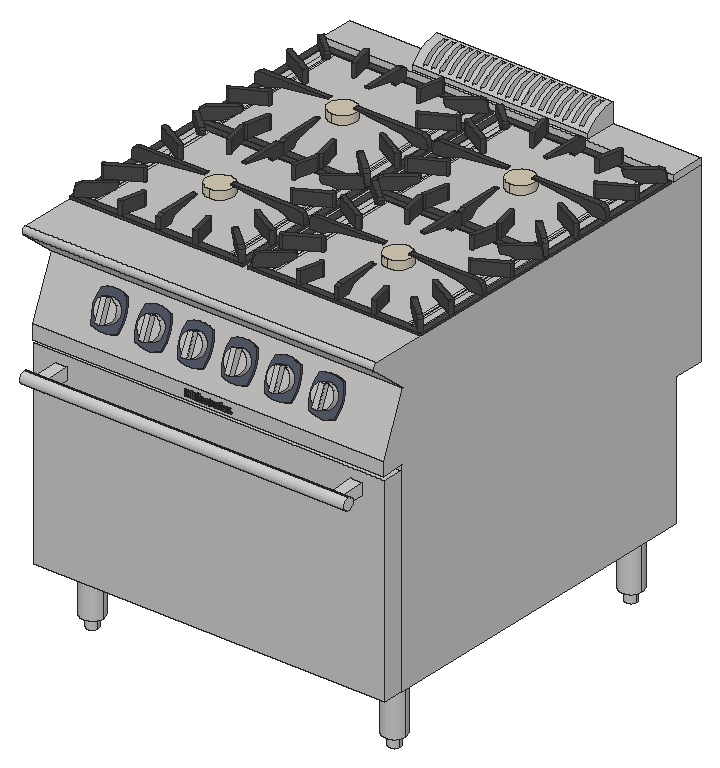
Revit family "QF_ELECTROLUXPROFESSIONAL_391010_E9GCGH4CE0", category Specialty Equipment, Revit 2018 (continued)
Automatic sketch dimensions
  plane 9 to Revolve 15 sketch curve = 32.525 mm
  Revolve 15 sketch curve to Revolve 15 sketch curve = 50.8 mm
  level to Revolve 15 sketch curve = 25.4 mm
  Revolve 15 sketch curve to plane 13 = 12.7 mm
  Revolve 15 sketch curve to plane 13 = 25.4 mm
  Extrusion 17 sketch curve to plane 18 = 0 mm
  Extrusion 17 sketch curve to plane 12 = 298.908 mm
  plane 5 "FRONT" to Extrusion 17 sketch curve = 31.821 mm
  Extrusion 17 sketch curve to Extrusion 17 sketch curve = 3.343 mm
  Extrusion 17 sketch curve to Extrusion 17 sketch curve = 2.066 mm
  Extrusion 17 sketch curve to Extrusion 17 sketch curve = 0 mm  (x2)
  Extrusion 17 sketch curve to Extrusion 17 sketch curve = 1.593 mm
  Extrusion 17 sketch curve to Extrusion 17 sketch curve = 5.756 mm
  Extrusion 17 sketch curve to Extrusion 17 sketch curve = 4.906 mm
  Extrusion 17 sketch curve to Extrusion 17 sketch curve = 5.312 mm
  plane 5 "FRONT" to Extrusion 17 sketch curve = 22.691 mm
  Extrusion 17 sketch curve to Extrusion 17 sketch curve = 11.3 mm
  Extrusion 17 sketch curve to Extrusion 17 sketch curve = 28.009 mm
  Extrusion 17 sketch curve to Extrusion 17 sketch curve = 2.83 mm
  Extrusion 18 sketch curve to plane 18 = 0 mm
  Extrusion 18 sketch curve to plane 12 = 298.908 mm
  plane 5 "FRONT" to Extrusion 18 sketch curve = 31.821 mm
  Extrusion 18 sketch curve to Extrusion 18 sketch curve = 3.343 mm
  Extrusion 18 sketch curve to Extrusion 18 sketch curve = 2.066 mm
  Extrusion 18 sketch curve to Extrusion 18 sketch curve = 0 mm  (x2)
  Extrusion 18 sketch curve to Extrusion 18 sketch curve = 1.593 mm
  Extrusion 18 sketch curve to Extrusion 18 sketch curve = 5.756 mm
  Extrusion 18 sketch curve to Extrusion 18 sketch curve = 4.906 mm
  Extrusion 18 sketch curve to Extrusion 18 sketch curve = 5.312 mm
  plane 5 "FRONT" to Extrusion 18 sketch curve = 22.691 mm
  Extrusion 18 sketch curve to Extrusion 18 sketch curve = 11.3 mm
  Extrusion 18 sketch curve to Extrusion 18 sketch curve = 28.009 mm
  Extrusion 18 sketch curve to Extrusion 18 sketch curve = 11.2 mm
  Extrusion 1 to Split face 1 sketch curve = 14.837 mm
  Split face 1 sketch curve to Extrusion 1 = 288.713 mm
  Extrusion 1 to Split face 2 sketch curve = 14.837 mm
  Split face 2 sketch curve to Extrusion 1 = 288.713 mm
  Extrusion 20 sketch curve to Extrusion 1 = 51 mm
  Extrusion 20 sketch curve to Extrusion 1 = 186.437 mm
  Extrusion 21 sketch curve to Extrusion 1 = 151 mm
  Extrusion 21 sketch curve to Extrusion 1 = 316.437 mm
  plane 5 "FRONT" to curve 1 = 0 mm
  plane 1 "BACK" to curve 5 = 0 mm
  curve 5 to plane 4 "RIGHT" = 0 mm
  plane 5 "FRONT" to curve 11 = 0 mm
  curve 10 to plane 3 "LEFT" = 0 mm
  curve 1 to plane 3 "LEFT" = 100.013 mm
  curve 2 to plane 4 "RIGHT" = 100.013 mm
  plane 17 to curve 11 = 0 mm
  curve 3 to plane 5 "FRONT" = 0.396 mm
  plane 11 to curve 7 = 4.762 mm
  curve 2 to plane 1 "BACK" = 100.013 mm
  Extrusion 10 sketch curve to Extrusion 9 = 0 mm  (x2)
  Extrusion 9 to Extrusion 10 sketch curve = 31.592 mm
  Extrusion 9 to Extrusion 10 sketch curve = 0.189 mm
  Extrusion 10 sketch curve to Extrusion 9 = 37.955 mm
  Extrusion 1 sketch curve to plane 12 = 0 mm
  Extrusion 1 sketch curve to plane 9 = 0 mm
  Extrusion 1 sketch curve to plane 1 "BACK" = 0 mm
  plane 16 to Extrusion 1 sketch curve = 44.681 mm
  plane 18 to Extrusion 1 sketch curve = 48.563 mm
  Extrusion 1 sketch curve to Extrusion 1 sketch curve = 3.175 mm
  Extrusion 1 sketch curve to Extrusion 1 sketch curve = 0.442 mm
  Extrusion 1 sketch curve to plane 18 = 2.478 mm
  Extrusion 1 sketch curve to plane 5 "FRONT" = 8.995 mm
  Extrusion 1 sketch curve to plane 5 "FRONT" = 3.18 mm
  Extrusion 1 sketch curve to plane 12 = 240.721 mm
  Extrusion 1 sketch curve to Extrusion 1 sketch curve = 1.552 mm
  Extrusion 1 sketch curve to Extrusion 1 sketch curve = 31.298 mm
  Extrusion 1 sketch curve to plane 12 = 84.067 mm
  Extrusion 1 sketch curve to plane 12 = 15.842 mm
  plane 13 to curve 16 = 25.075 mm
  plane 13 to curve 14 = 5.2 mm
  curve 15 to plane 13 = 20.2 mm
  curve 21 to plane 14 = 20.2 mm
  plane 14 to curve 19 = 5.2 mm
  plane 20 to curve 19 = 12.075 mm
  plane 5 "FRONT" to curve 16 = 46.591 mm
  curve 14 to curve 15 = 36.993 mm
  curve 17 to curve 20 = 9.598 mm
  curve 14 to curve 23 = 15.8 mm
  curve 20 to curve 19 = 15.802 mm
  plane 5 "FRONT" to curve 16 = 21.191 mm
  plane 11 to curve 24 = 11.113 mm
  plane 19 to curve 24 = 47.9 mm
  curve 24 to plane 13 = 144 mm
  curve 24 to curve 28 = 20.698 mm
  curve 25 to curve 27 = 9.296 mm
  plane 11 to curve 25 = 17.052 mm
  plane 1 "BACK" to curve 26 = 6.761 mm
  curve 27 to curve 29 = 9.397 mm
  curve 29 to curve 30 = 9.296 mm
  plane 11 to curve 32 = 17.052 mm
  plane 1 "BACK" to curve 30 = 6.761 mm
  curve 31 to curve 33 = 9.397 mm
  curve 33 to curve 34 = 9.296 mm
  plane 11 to curve 36 = 17.052 mm
  plane 1 "BACK" to curve 35 = 6.761 mm
  curve 34 to curve 37 = 9.397 mm
  curve 37 to curve 38 = 9.296 mm
  plane 11 to curve 40 = 17.052 mm
  plane 1 "BACK" to curve 39 = 6.761 mm
  curve 38 to curve 41 = 9.397 mm
  curve 41 to curve 42 = 9.296 mm
  plane 11 to curve 44 = 17.052 mm
  plane 1 "BACK" to curve 43 = 6.761 mm
  curve 42 to curve 45 = 9.397 mm
  curve 45 to curve 48 = 9.296 mm
  curve 43 to curve 45 = 0 mm
  plane 1 "BACK" to curve 47 = 6.761 mm
  curve 46 to curve 49 = 9.397 mm
  curve 49 to curve 52 = 9.296 mm
  curve 47 to curve 49 = 0 mm
  plane 1 "BACK" to curve 51 = 6.761 mm
  curve 51 to curve 56 = 9.397 mm
  curve 53 to curve 56 = 9.296 mm
  curve 51 to curve 53 = 0 mm
  plane 1 "BACK" to curve 55 = 6.761 mm
  curve 55 to curve 57 = 9.397 mm
  curve 57 to curve 60 = 9.296 mm
  curve 55 to curve 57 = 0 mm
  plane 1 "BACK" to curve 59 = 6.761 mm
  curve 58 to curve 61 = 9.397 mm
  curve 64 to plane 7 "Center Y" = 1.823 mm
  curve 59 to curve 61 = 0 mm
  plane 1 "BACK" to curve 63 = 6.761 mm
  plane 7 "Center Y" to curve 65 = 7.574 mm
  curve 65 to curve 68 = 8.858 mm
  curve 63 to curve 65 = 0 mm
  plane 1 "BACK" to curve 67 = 6.761 mm
  curve 67 to curve 72 = 9.397 mm
  curve 69 to curve 72 = 9.296 mm
  curve 67 to curve 69 = 0 mm
  plane 1 "BACK" to curve 71 = 6.761 mm
  curve 70 to curve 73 = 9.397 mm
  curve 73 to curve 76 = 9.296 mm
  curve 71 to curve 73 = 0 mm
  plane 1 "BACK" to curve 75 = 6.761 mm
  curve 74 to curve 77 = 9.397 mm
  curve 77 to curve 80 = 9.296 mm
  curve 75 to curve 77 = 0 mm
  plane 1 "BACK" to curve 79 = 6.761 mm
  curve 79 to curve 81 = 9.397 mm
  curve 81 to curve 84 = 9.296 mm
  curve 79 to curve 81 = 0 mm
  plane 1 "BACK" to curve 83 = 6.761 mm
  curve 82 to curve 85 = 9.397 mm
  curve 85 to curve 88 = 9.296 mm
  curve 83 to curve 85 = 0 mm
  plane 1 "BACK" to curve 87 = 6.761 mm
  curve 87 to curve 89 = 9.397 mm
  curve 89 to curve 92 = 9.296 mm
  curve 87 to curve 89 = 0 mm
  plane 1 "BACK" to curve 91 = 6.761 mm
  curve 90 to curve 93 = 9.397 mm
  curve 96 to plane 19 = 4.77 mm
  curve 91 to curve 93 = 0 mm
  plane 1 "BACK" to curve 95 = 6.761 mm
  plane 19 to curve 97 = 4.627 mm
  curve 97 to curve 100 = 9.296 mm
  curve 95 to curve 97 = 0 mm
  plane 1 "BACK" to curve 99 = 6.761 mm
  curve 98 to curve 101 = 9.397 mm
  curve 101 to curve 104 = 9.296 mm
  curve 99 to curve 101 = 0 mm
  plane 1 "BACK" to curve 103 = 6.761 mm
  radius of Extrusion 6 sketch curve = 25.4 mm  (x6)
  radius of Extrusion 7 sketch curve to Extrusion 6 = 0 mm  (x8)
  radius of Extrusion 16 sketch curve to Extrusion 18 = 0 mm
  radius of Extrusion 19 sketch curve = 12.7 mm
  radius of Split face 1 sketch curve = 5 mm
  radius of Split face 2 sketch curve = 5 mm
  radius of Extrusion 20 sketch curve = 6.4 mm
  radius of Extrusion 21 sketch curve = 12.7 mm
Nested families
  nested 1: "371009_BURNER" at (393.7, -440.488, 0) x (-1, 0, 0) z (0, 0, 1), type "371009_BURNER"
    with Type Mark "", Status "", Specification by User "", Revision Code "", Item Number "", Installed By "", Identify Quantity as Lot yes, Furnished By "", Foodservice Equipment Identifier yes
  nested 2: "371009_BURNER" at (393.7, -440.488, 0) x (-1, 0, 0) z (0, 0, 1), type "371009_BURNER"
    with Type Mark "", Status "", Specification by User "", Revision Code "", Item Number "", Installed By "", Identify Quantity as Lot yes, Furnished By "", Foodservice Equipment Identifier yes
  nested 3: "371009_BURNER" at (406.4, -440.488, 0), type "371009_BURNER"
    with Type Mark "", Status "", Specification by User "", Revision Code "", Item Number "", Installed By "", Identify Quantity as Lot yes, Furnished By "", Foodservice Equipment Identifier yes
  nested 4: "371009_BURNER" at (406.4, -440.488, 0), type "371009_BURNER"
    with Type Mark "", Status "", Specification by User "", Revision Code "", Item Number "", Installed By "", Identify Quantity as Lot yes, Furnished By "", Foodservice Equipment Identifier yes
Connectors
  piping at (749.1, -665, 129), diameter 12.8
    settings: on Extrusion 20, index 1, connector inside diameter 0.50394", connector length 0 mm, flow factor 0, pipe flow 0 GPM, pressure drop 0.00 psi, fitting loss kfactor 0, connector angle 0.00°, fixture units 0, engagement length 0 mm, angle of deflection 0.00°, flow configuration 1, flow direction 1, fitting loss method 0, system type 7, joint type 0, gender type 0, connector reference index -1, connector utility 0, adjustable connector no, is connector primary yes, connector description "GAS CONNECTION"
  electrical at (757.1, -760, 146), driven by "Volts", driven by "Watts"
    settings: on Extrusion 19, index 2, voltage 400 V, apparent load 0 VA, apparent load phase1 0 VA, apparent load phase2 0 VA, apparent load phase3 0 VA, power factor 1, load classification "Other", number of poles 1, system type 30, power factor state 1, is connector primary yes, connector utility no, sub classification motor no, connector description "ELECTRICAL CONNECTION"
Definition of nested family "371009_BURNER"
  Parameters
    Weight in Pounds = 0
    URL Cutsheet = ""
    URL = "www.electrolux.com"
    Type Mark [instance] = ""
    Status [instance] = ""
    Specification by User [instance] = ""
    Specification by Manufacturer = ""
    Show Clearance [instance] = yes
    Serial Number = ""
    Seismic Rating = ""
    SMACNA No = ""
    Revision Code [instance] = ""
    Omniclass Number and Title = ""
    NAFEM Spec ID Number = ""
    Model = "371009"
    Masterspec = ""
    Manufacturer = "ELECTROLUX"
    Item Number [instance] = ""
    Installed By [instance] = ""
    Identify Quantity as Lot [instance] = yes
    Furnished By [instance] = ""
    Foodservice Equipment Identifier [instance] = yes
    Description = ""
    CSI MasterFormat = ""
    CSI Master Format = ""
  Reference planes
    plane 1 "BACK": y = 0
    plane 2: z = 0
    plane 3 "LEFT": x = 0
    plane 4 "RIGHT": x = 393.7
    plane 5 "FRONT": y = -355.6
    plane 6 "TOP": z = 908.85
    plane 7 "Center Y": x = 196.85
    plane 8 "Center X": y = -177.8
    plane 9 "Base": z = 150
    plane 10: z = 850.85
  Forms (mm)
    Extrusion 1, solid
      sketch origin (-6.433, -404.961, 5) x (1, 0, 0) y (0, 0, -1)
        loop
          arc (7.142, -850.85) -> (6.739, -862.989) -> (9.761, -874.752) r 42.809
          line (9.761, -874.752) -> (19.961, -879.425) -> (173.122, -879.425)
          arc (173.122, -879.425) -> (174.316, -878.312) -> (173.289, -877.043) r 1.197
          line (173.289, -877.043) -> (64.848, -864.021)
          arc (64.848, -864.021) -> (50.111, -858.738) -> (36.589, -850.85) r 85.245
          line (36.589, -850.85) -> (7.142, -850.85)
        loop
          line (399.424, -850.85) -> (369.977, -850.85)
          arc (369.977, -850.85) -> (356.455, -858.738) -> (341.718, -864.021) r 85.245
          line (341.718, -864.021) -> (233.277, -877.043)
          arc (233.277, -877.043) -> (232.25, -878.312) -> (233.444, -879.425) r 1.197
          line (233.444, -879.425) -> (386.605, -879.425) -> (396.806, -874.752)
          arc (396.806, -874.752) -> (399.827, -862.989) -> (399.424, -850.85) r 42.809
      from 224.564 to 234.564
    Extrusion 2, solid
      sketch origin (196.85, 175.397, 1219.2) x (0, 1, 0) y (0, 0, 1)
        loop
          line (-204.463, -363.35) -> (-175.397, -363.35) -> (-175.397, -339.506)
          arc (-175.397, -339.506) -> (-181.025, -338.266) -> (-185.611, -334.775) r 13.39
          line (-185.611, -334.775) -> (-278.903, -334.775)
          arc (-278.903, -334.775) -> (-280.097, -335.888) -> (-279.07, -337.157) r 1.197
          line (-279.07, -337.157) -> (-227.151, -347.464)
          arc (-227.151, -347.464) -> (-213.741, -352.457) -> (-204.463, -363.35) r 28.426
        loop
          arc (-496.332, -363.35) -> (-487.053, -352.457) -> (-473.644, -347.464) r 28.426
          line (-473.644, -347.464) -> (-421.725, -337.157)
          arc (-421.725, -337.157) -> (-420.697, -335.888) -> (-421.891, -334.775) r 1.197
          line (-421.891, -334.775) -> (-515.184, -334.775)
          arc (-515.184, -334.775) -> (-519.769, -338.266) -> (-525.397, -339.506) r 13.39
          line (-525.397, -339.506) -> (-525.397, -363.35) -> (-496.332, -363.35)
      from -5 to 5
    Extrusion 3, solid
      sketch origin (-6.433, 367.064, 850.85) x (0, -1, 0) y (1, 0, 0)
        loop
          line (722.664, 6.433) -> (722.664, 400.133) -> (367.064, 400.133) -> (367.064, 6.433) -> (722.664, 6.433)
        loop
          line (382.064, 21.433) -> (707.664, 21.433) -> (707.664, 385.133) -> (382.064, 385.133) -> (382.064, 21.433)
      from 0 to 5
    Extrusion 4, solid
      sketch origin (-18.933, 367.064, 855.85) x (0, -1, 0) y (1, 0, 0)
        loop
          circle (541.667, 215.783) r 30
      from -1.321 to 17.134
    Extrusion 5, solid
      sketch origin (-6.433, -367.064, 0) x (1, 0, 0) y (0, 0, -1)
        loop
          line (21.433, -855.85) -> (36.589, -855.85)
          arc (36.589, -855.85) -> (40.561, -855.243) -> (44.305, -853.783) r 18.259
          arc (44.305, -853.783) -> (45.997, -853.366) -> (47.69, -853.783) r 3.649
          arc (47.69, -853.783) -> (49.901, -854.522) -> (52.232, -854.529) r 7.328
          line (52.232, -854.529) -> (354.334, -854.529)
          arc (354.334, -854.529) -> (356.666, -854.522) -> (358.877, -853.783) r 7.328
          arc (358.877, -853.783) -> (360.569, -853.366) -> (362.261, -853.783) r 3.649
          arc (362.261, -853.783) -> (366.005, -855.243) -> (369.977, -855.85) r 18.259
          line (369.977, -855.85) -> (385.133, -855.85) -> (385.133, -850.85) -> (21.433, -850.85) -> (21.433, -855.85)
      from 26.464 to 352.064
    Extrusion 6, solid
      sketch origin (83.284, -458.334, 5) x (0.742103, 0.670286, 0) y (0, 0, -1)
        loop
          arc (88.629, -864.012) -> (73.909, -858.731) -> (60.402, -850.85) r 85.245
          line (60.402, -850.85) -> (14.993, -850.85)
          arc (14.993, -850.85) -> (14.642, -862.948) -> (17.686, -874.663) r 42.876
          line (17.686, -874.663) -> (27.899, -879.425) -> (89.664, -879.425)
          arc (89.664, -879.425) -> (92.39, -878.352) -> (93.654, -875.709) r 4
          arc (93.654, -875.709) -> (92.562, -869.25) -> (88.629, -864.012) r 13.87
        loop
          arc (457.638, -864.012) -> (453.704, -869.25) -> (452.613, -875.709) r 13.87
          arc (452.613, -875.709) -> (453.876, -878.352) -> (456.603, -879.425) r 4
          line (456.603, -879.425) -> (518.367, -879.425) -> (528.581, -874.663)
          arc (528.581, -874.663) -> (531.624, -862.948) -> (531.273, -850.85) r 42.876
          line (531.273, -850.85) -> (485.865, -850.85)
          arc (485.865, -850.85) -> (472.357, -858.731) -> (457.638, -864.012) r 85.245
      from 127.064 to 137.064
    Extrusion 7, solid
      sketch origin (310.416, -458.334, 5) x (-0.742103, 0.670286, 0) y (0, 0, 1)
        loop
          arc (88.629, 864.012) -> (92.562, 869.25) -> (93.654, 875.709) r 13.87
          arc (93.654, 875.709) -> (92.39, 878.352) -> (89.664, 879.425) r 4
          line (89.664, 879.425) -> (27.899, 879.425) -> (17.686, 874.663)
          arc (17.686, 874.663) -> (14.642, 862.948) -> (14.993, 850.85) r 42.876
          line (14.993, 850.85) -> (60.402, 850.85)
          arc (60.402, 850.85) -> (73.909, 858.731) -> (88.629, 864.012) r 85.245
        loop
          arc (457.638, 864.012) -> (472.357, 858.731) -> (485.865, 850.85) r 85.245
          line (485.865, 850.85) -> (531.273, 850.85)
          arc (531.273, 850.85) -> (531.624, 862.948) -> (528.581, 874.663) r 42.876
          line (528.581, 874.663) -> (518.367, 879.425) -> (456.603, 879.425)
          arc (456.603, 879.425) -> (453.876, 878.352) -> (452.613, 875.709) r 4
          arc (452.613, 875.709) -> (453.704, 869.25) -> (457.638, 864.012) r 13.87
      from 127.064 to 137.064
    Extrusion 8, solid
      sketch origin (-6.433, 367.064, 855.85) x (0, -1, 0) y (1, 0, 0)
        loop
          arc (626.166, 9.428) -> (632.956, 7.454) -> (634.93, 14.244) r 5
          line (634.93, 14.244) -> (600.514, 76.878)
          arc (600.514, 76.878) -> (593.724, 78.852) -> (591.75, 72.062) r 5
          line (591.75, 72.062) -> (626.166, 9.428)
        loop
          line (463.562, 9.428) -> (497.977, 72.062)
          arc (497.977, 72.062) -> (496.003, 78.852) -> (489.213, 76.878) r 5
          line (489.213, 76.878) -> (454.798, 14.244)
          arc (454.798, 14.244) -> (456.772, 7.454) -> (463.562, 9.428) r 5
        loop
          line (626.166, 397.138) -> (591.75, 334.504)
          arc (591.75, 334.504) -> (593.724, 327.714) -> (600.514, 329.689) r 5
          line (600.514, 329.689) -> (634.93, 392.323)
          arc (634.93, 392.323) -> (632.956, 399.113) -> (626.166, 397.138) r 5
        loop
          arc (463.562, 397.138) -> (456.772, 399.113) -> (454.798, 392.323) r 5
          line (454.798, 392.323) -> (489.213, 329.689)
          arc (489.213, 329.689) -> (496.003, 327.714) -> (497.977, 334.504) r 5
          line (497.977, 334.504) -> (463.562, 397.138)
        loop
          line (715.14, 293.499) -> (666.703, 282.317)
          arc (666.703, 282.317) -> (662.956, 276.32) -> (668.953, 272.573) r 5
          line (668.953, 272.573) -> (717.389, 283.756)
          arc (717.389, 283.756) -> (721.136, 289.752) -> (715.14, 293.499) r 5
        loop
          arc (715.14, 113.067) -> (721.136, 116.814) -> (717.389, 122.811) r 5
          line (717.389, 122.811) -> (668.953, 133.993)
          arc (668.953, 133.993) -> (662.956, 130.246) -> (666.703, 124.249) r 5
          line (666.703, 124.249) -> (715.14, 113.067)
        loop
          arc (374.588, 293.499) -> (368.591, 289.752) -> (372.338, 283.756) r 5
          line (372.338, 283.756) -> (420.775, 272.573)
          arc (420.775, 272.573) -> (426.771, 276.32) -> (423.024, 282.317) r 5
          line (423.024, 282.317) -> (374.588, 293.499)
        loop
          line (374.588, 113.067) -> (423.024, 124.249)
          arc (423.024, 124.249) -> (426.771, 130.246) -> (420.775, 133.993) r 5
          line (420.775, 133.993) -> (372.338, 122.811)
          arc (372.338, 122.811) -> (368.591, 116.814) -> (374.588, 113.067) r 5
      from 0 to 28.575
  Lines and regions (mm)
    symbolic lines
      curve 1: line (0, -355.6, 150) -> (393.7, -355.6, 150)
      curve 2: line (0, 0, 150) -> (0, -355.6, 150)
      curve 3: line (393.7, -355.6, 150) -> (393.7, 0, 150)
      curve 4: line (369.633, -15, 150) -> (285.34, -15, 150)
      curve 5: line (24.067, -340.6, 150) -> (108.36, -340.6, 150)
      curve 6: line (157.475, -170.397, 150) -> (157.475, -15, 150)
      curve 7: line (236.225, -170.397, 150) -> (236.225, -15, 150)
      curve 8: line (201.85, -350, 150) -> (201.85, -176.674, 150)
      curve 9: line (0, -180.397, 150) -> (167.224, -180.397, 150)
      curve 10: line (393.7, -170.397, 150) -> (228.275, -170.397, 150)
      curve 11: line (15, -180.397, 150) -> (15, -252.506, 150)
      curve 12: line (45.799, -340.6, 150) -> (45.799, -320.971, 150)
      curve 13: line (167.224, -170.397, 150) -> (0, -170.397, 150)
      curve 14: line (228.275, -180.504, 150) -> (393.7, -180.504, 150)
      curve 15: arc (228.275, -170.397, 150) -> (223.221, -175.45, 150) -> (228.275, -180.504, 150) r 5.054
      curve 16: arc (167.224, -170.397, 150) -> (172.224, -175.397, 150) -> (167.224, -180.397, 150) r 5
      curve 17: line (191.85, -176.674, 150) -> (191.85, -350, 150)
      curve 18: line (201.85, -134.556, 150) -> (201.85, -0.794, 150)
      curve 19: arc (201.85, -176.674, 150) -> (196.85, -171.674, 150) -> (191.85, -176.674, 150) r 5
      curve 20: arc (201.85, -134.556, 150) -> (196.85, -139.556, 150) -> (191.85, -134.556, 150) r 5
      curve 21: line (191.85, -15, 150) -> (118.623, -15, 150)
      curve 22: arc (201.85, -29.042, 150) -> (213.272, -50.008, 150) -> (201.85, -70.973, 150) r 24.953
      curve 23: arc (213.086, -53.048, 150) -> (214.5, -50.008, 150) -> (213.086, -46.967, 150) r 3.975
      curve 24: arc (191.85, -29.852, 150) -> (181.339, -50.008, 150) -> (191.85, -70.163, 150) r 24.58
      curve 25: arc (181.527, -53.042, 150) -> (179.976, -50.008, 150) -> (181.527, -46.973, 150) r 3.745
      curve 26: line (191.85, -0.794, 150) -> (191.85, -134.556, 150)
      curve 27: line (191.85, -350, 150) -> (201.85, -350, 150)
      curve 28: line (191.85, -11.007, 150) -> (201.85, -11.007, 150)
      curve 29: line (191.85, -0.794, 150) -> (201.85, -0.794, 150)
      curve 30: line (201.85, -340.6, 150) -> (275.077, -340.6, 150)
      curve 31: arc (196.85, -145.397, 0) -> (166.955, -172.888, 0) -> (191.85, -204.977, 0) r 30
      curve 32: arc (201.85, -204.977, 0) -> (226.745, -172.888, 0) -> (196.85, -145.397, 0) r 30
      curve 33: arc (158.678, -180.397, 0) -> (170.734, -200.207, 0) -> (191.85, -209.795, 0) r 39.375
      curve 34: line (163.825, -170.397, 150) -> (163.825, -15, 150)
      curve 35: line (229.875, -170.397, 150) -> (229.875, -15, 150)
      curve 36: line (144.775, -170.397, 150) -> (144.775, -15, 150)
      curve 37: line (248.925, -170.397, 150) -> (248.925, -15, 150)
      curve 38: arc (145.678, -180.397, 0) -> (161.728, -209.187, 0) -> (191.85, -222.573, 0) r 52.075
      curve 39: arc (201.85, -209.795, 0) -> (222.966, -200.207, 0) -> (235.022, -180.397, 0) r 39.375
      curve 40: arc (201.85, -222.573, 0) -> (231.931, -209.224, 0) -> (248.001, -180.504, 0) r 52.075
      curve 41: line (393.7, 0, 0) -> (0, 0, 0)
      curve 42: line (70.445, -122.149, 0) -> (7.81, -87.734, 0)
      curve 43: arc (7.81, -87.734, 0) -> (1.021, -89.708, 0) -> (2.995, -96.498, 0) r 5
      curve 44: line (2.995, -96.498, 0) -> (65.629, -130.914, 0)
      curve 45: arc (65.629, -130.914, 0) -> (72.419, -128.939, 0) -> (70.445, -122.149, 0) r 5
      curve 46: line (65.629, -224.686, 0) -> (2.995, -259.102, 0)
      curve 47: arc (2.995, -259.102, 0) -> (1.021, -265.892, 0) -> (7.81, -267.866, 0) r 5
      curve 48: line (7.81, -267.866, 0) -> (70.445, -233.451, 0)
      curve 49: arc (70.445, -233.451, 0) -> (72.419, -226.661, 0) -> (65.629, -224.686, 0) r 5
      curve 50: line (323.255, -122.149, 0) -> (385.89, -87.734, 0)
      curve 51: arc (385.89, -87.734, 0) -> (392.679, -89.708, 0) -> (390.705, -96.498, 0) r 5
      curve 52: line (390.705, -96.498, 0) -> (328.071, -130.914, 0)
      curve 53: arc (328.071, -130.914, 0) -> (321.281, -128.939, 0) -> (323.255, -122.149, 0) r 5
      curve 54: line (328.071, -224.686, 0) -> (390.705, -259.102, 0)
      curve 55: arc (390.705, -259.102, 0) -> (392.679, -265.892, 0) -> (385.89, -267.866, 0) r 5
      curve 56: line (385.89, -267.866, 0) -> (323.255, -233.451, 0)
      curve 57: arc (323.255, -233.451, 0) -> (321.281, -226.661, 0) -> (328.071, -224.686, 0) r 5
      curve 58: line (118.623, -340.6, 150) -> (191.85, -340.6, 150)
      curve 59: line (285.34, -340.6, 150) -> (369.633, -340.6, 150)
      curve 60: line (378.7, -335.314, 0) -> (378.7, -263.916, 0)
      curve 61: line (1.326, -7.935, 0) -> (58.752, -59.804, 0)
      curve 62: line (65.455, -52.383, 0) -> (8.029, -0.514, 0)
      curve 63: arc (58.752, -59.804, 0) -> (65.814, -59.445, 0) -> (65.455, -52.383, 0) r 5
      curve 64: line (1.326, -7.935, 0) -> (8.029, -0.514, 0)
      curve 65: line (392.374, -7.935, 0) -> (334.948, -59.804, 0)
      curve 66: line (328.245, -52.383, 0) -> (385.671, -0.514, 0)
      curve 67: arc (334.948, -59.804, 0) -> (327.886, -59.445, 0) -> (328.245, -52.383, 0) r 5
      curve 68: line (392.374, -7.935, 0) -> (385.671, -0.514, 0)
      curve 69: line (392.374, -347.665, 0) -> (334.948, -295.796, 0)
      curve 70: line (328.245, -303.217, 0) -> (385.671, -355.086, 0)
      curve 71: arc (334.948, -295.796, 0) -> (327.886, -296.155, 0) -> (328.245, -303.217, 0) r 5
      curve 72: line (392.374, -347.665, 0) -> (385.671, -355.086, 0)
      curve 73: line (1.326, -347.665, 0) -> (58.752, -295.796, 0)
      curve 74: line (65.455, -303.217, 0) -> (8.029, -355.086, 0)
      curve 75: arc (58.752, -295.796, 0) -> (65.814, -296.155, 0) -> (65.455, -303.217, 0) r 5
      curve 76: line (1.326, -347.665, 0) -> (8.029, -355.086, 0)
      curve 77: line (347.901, -15, 0) -> (347.901, -34.629, 0)
      curve 78: line (347.901, -320.971, 0) -> (347.901, -340.6, 0)
      curve 79: line (378.7, -252.506, 0) -> (378.7, -180.397, 0)
      curve 80: line (347.901, -246.993, 0) -> (347.901, -307.496, 0)
      curve 81: line (378.7, -170.397, 0) -> (378.7, -103.094, 0)
      curve 82: line (347.901, -180.397, 0) -> (347.901, -235.582, 0)
      curve 83: line (378.7, -91.684, 0) -> (378.7, -20.286, 0)
      curve 84: line (347.901, -120.018, 0) -> (347.901, -170.397, 0)
      curve 85: line (347.901, -48.104, 0) -> (347.901, -108.607, 0)
      curve 86: line (275.077, -15, 150) -> (201.85, -15, 150)
      curve 87: line (108.36, -15, 150) -> (24.067, -15, 150)
      curve 88: line (45.799, -40, 150) -> (45.799, -15, 150)
      curve 89: line (45.799, -108.607, 150) -> (45.799, -40, 150)
      curve 90: line (15, -20.286, 0) -> (15, -91.684, 0)
      curve 91: line (15, -103.094, 0) -> (15, -170.397, 0)
      curve 92: line (45.799, -170.397, 150) -> (45.799, -120.018, 150)
      curve 93: line (45.799, -235.582, 150) -> (45.799, -180.397, 150)
      curve 94: line (15, -263.916, 150) -> (15, -335.314, 150)
      curve 95: line (45.799, -307.496, 150) -> (45.799, -246.993, 150)
      curve 96: line (116.378, -350.325, 0) -> (127.56, -301.889, 0)
      curve 97: arc (127.56, -301.889, 0) -> (123.813, -295.892, 0) -> (117.816, -299.64, 0) r 5
      curve 98: line (117.816, -299.64, 0) -> (106.634, -348.076, 0)
      curve 99: arc (106.634, -348.076, 0) -> (110.381, -354.072, 0) -> (116.378, -350.325, 0) r 5
      curve 100: line (266.14, -301.889, 0) -> (277.322, -350.325, 0)
      curve 101: arc (277.322, -350.325, 0) -> (283.319, -354.072, 0) -> (287.066, -348.076, 0) r 5
      curve 102: line (287.066, -348.076, 0) -> (275.884, -299.64, 0)
      curve 103: arc (275.884, -299.64, 0) -> (269.887, -295.892, 0) -> (266.14, -301.889, 0) r 5
      curve 104: line (275.884, -55.96, 0) -> (287.066, -7.524, 0)
      curve 105: arc (287.066, -7.524, 0) -> (283.319, -1.528, 0) -> (277.322, -5.275, 0) r 5
      curve 106: line (277.322, -5.275, 0) -> (266.14, -53.711, 0)
      curve 107: arc (266.14, -53.711, 0) -> (269.887, -59.708, 0) -> (275.884, -55.96, 0) r 5
      curve 108: line (127.56, -53.711, 0) -> (116.378, -5.275, 0)
      curve 109: arc (116.378, -5.275, 0) -> (110.381, -1.528, 0) -> (106.634, -7.524, 0) r 5
      curve 110: line (106.634, -7.524, 0) -> (117.816, -55.96, 0)
      curve 111: arc (117.816, -55.96, 0) -> (123.813, -59.708, 0) -> (127.56, -53.711, 0) r 5
  Dimensions and locks
    equal spacing: plane 3 "LEFT", plane 7 "Center Y", plane 4 "RIGHT"
    plane 3 "LEFT" to plane 4 "RIGHT" = 393.7 mm
    equal spacing: plane 5 "FRONT", plane 8 "Center X", plane 1 "BACK"
    plane 5 "FRONT" to plane 1 "BACK" = 355.6 mm
    plane 6 "TOP" to level = 908.85 mm
    plane 9 "Base" to level = 150 mm
    plane 6 "TOP" to plane 10 = 58 mm  (x2)
    locked: Extrusion 4 sketch curve to plane 7 "Center Y" at 0
    aligned and locked: level to plane 2
  Automatic sketch dimensions
    curve 10 to plane 4 "RIGHT" = 0 mm
    curve 20 to plane 7 "Center Y" = 0 mm
    curve 19 to plane 7 "Center Y" = 0 mm
    curve 9 to plane 3 "LEFT" = 0 mm
    plane 1 "BACK" to curve 2 = 0 mm
    plane 1 "BACK" to curve 3 = 0 mm
    plane 5 "FRONT" to curve 2 = 0 mm
    curve 4 to plane 4 "RIGHT" = 24.067 mm
    curve 59 to plane 4 "RIGHT" = 24.067 mm
    plane 1 "BACK" to curve 37 = 15 mm
    plane 7 "Center Y" to curve 37 = 52.075 mm
    curve 37 to curve 7 = 12.7 mm
    curve 7 to curve 35 = 6.35 mm
    plane 8 "Center X" to curve 15 = 2.35 mm
    curve 35 to curve 15 = 1.6 mm
    plane 7 "Center Y" to curve 23 = 16.236 mm
    curve 23 to curve 23 = 0 mm
    curve 23 to curve 23 = 2.56 mm
    curve 23 to curve 24 = 4.607 mm
    plane 7 "Center Y" to curve 86 = 5 mm
    plane 7 "Center Y" to curve 27 = 5 mm
    curve 22 to plane 7 "Center Y" = 8.531 mm
    curve 22 to curve 25 = 4.597 mm
    curve 25 to curve 25 = 2.194 mm  (x2)
    curve 9 to plane 8 "Center X" = 2.597 mm
    curve 17 to curve 9 = 24.626 mm
    curve 21 to curve 34 = 28.025 mm
    curve 34 to curve 6 = 6.35 mm
    plane 8 "Center X" to curve 36 = 7.403 mm
    curve 6 to curve 36 = 12.7 mm
    plane 3 "LEFT" to curve 12 = 45.799 mm
    plane 3 "LEFT" to curve 87 = 24.067 mm
    plane 3 "LEFT" to curve 5 = 24.067 mm
    plane 1 "BACK" to curve 26 = 0.794 mm
    curve 28 to curve 86 = 3.993 mm
    curve 28 to curve 21 = 3.993 mm
    curve 86 to curve 22 = 14.042 mm
    curve 22 to curve 24 = 0.81 mm
    curve 22 to curve 23 = 17.925 mm
    curve 25 to curve 22 = 3.035 mm
    plane 8 "Center X" to curve 26 = 43.244 mm
    curve 15 to curve 15 = 5.054 mm
    plane 8 "Center X" to curve 17 = 1.126 mm
    curve 94 to curve 12 = 5.286 mm
    curve 58 to plane 5 "FRONT" = 15 mm
    curve 59 to plane 5 "FRONT" = 15 mm
    curve 8 to plane 5 "FRONT" = 5.6 mm
    plane 3 "LEFT" to Extrusion 1 sketch curve = 0.709 mm
    plane 3 "LEFT" to Extrusion 1 sketch curve = 3.327 mm
    Extrusion 1 sketch curve to Extrusion 1 sketch curve = 10.201 mm
    plane 10 to Extrusion 1 sketch curve = 5 mm  (x2)
    Extrusion 1 sketch curve to Extrusion 1 sketch curve = 29.447 mm
    Extrusion 1 sketch curve to Extrusion 1 sketch curve = 12.704 mm  (x2)
    Extrusion 1 sketch curve to Extrusion 1 sketch curve = 15.555 mm  (x2)
    plane 3 "LEFT" to Extrusion 1 sketch curve = 79.689 mm
    Extrusion 1 sketch curve to plane 7 "Center Y" = 30.161 mm
    Extrusion 1 sketch curve to Extrusion 1 sketch curve = 0.167 mm  (x2)
    plane 7 "Center Y" to Extrusion 1 sketch curve = 29.994 mm
    Extrusion 1 sketch curve to plane 4 "RIGHT" = 79.689 mm
    plane 10 to Extrusion 1 sketch curve = 18.171 mm
    Extrusion 1 sketch curve to plane 4 "RIGHT" = 58.415 mm
    Extrusion 1 sketch curve to plane 4 "RIGHT" = 13.528 mm
    Extrusion 1 sketch curve to plane 4 "RIGHT" = 3.327 mm
    Extrusion 1 sketch curve to plane 4 "RIGHT" = 0.709 mm
    Extrusion 1 sketch curve to Extrusion 1 sketch curve = 23.902 mm  (x2)
    Extrusion 1 sketch curve to plane 6 "TOP" = 26.807 mm  (x2)
    Extrusion 1 sketch curve to Extrusion 1 sketch curve = 1.185 mm  (x2)
    Extrusion 1 sketch curve to Extrusion 1 sketch curve = 5.694 mm
    Extrusion 2 sketch curve to plane 1 "BACK" = 0 mm
    plane 1 "BACK" to Extrusion 2 sketch curve = 10.213 mm
    plane 10 to Extrusion 2 sketch curve = 5 mm  (x2)
    plane 1 "BACK" to Extrusion 2 sketch curve = 29.066 mm
    plane 10 to Extrusion 2 sketch curve = 20.886 mm
    Extrusion 2 sketch curve to Extrusion 2 sketch curve = 22.688 mm  (x2)
    Extrusion 2 sketch curve to plane 10 = 7.392 mm  (x2)
    Extrusion 2 sketch curve to plane 6 "TOP" = 24.425 mm
    Extrusion 2 sketch curve to Extrusion 2 sketch curve = 51.752 mm
    Extrusion 2 sketch curve to plane 6 "TOP" = 26.807 mm  (x2)
    Extrusion 2 sketch curve to Extrusion 2 sketch curve = 0.167 mm  (x2)
    Extrusion 2 sketch curve to plane 8 "Center X" = 68.528 mm
    Extrusion 2 sketch curve to plane 5 "FRONT" = 60.248 mm
    Extrusion 2 sketch curve to Extrusion 2 sketch curve = 2.895 mm
    Extrusion 2 sketch curve to plane 5 "FRONT" = 15.813 mm
    Extrusion 2 sketch curve to plane 5 "FRONT" = 5.6 mm
    Extrusion 2 sketch curve to Extrusion 2 sketch curve = 4.731 mm
    Extrusion 2 sketch curve to Extrusion 2 sketch curve = 23.844 mm
    Extrusion 2 sketch curve to Extrusion 2 sketch curve = 1.185 mm
    plane 1 "BACK" to Extrusion 3 sketch curve = 0 mm
    Extrusion 3 sketch curve to plane 3 "LEFT" = 0 mm
    plane 5 "FRONT" to Extrusion 3 sketch curve = 0 mm
    Extrusion 3 sketch curve to plane 4 "RIGHT" = 0 mm
    plane 1 "BACK" to Extrusion 3 sketch curve = 15 mm
    Extrusion 3 sketch curve to plane 5 "FRONT" = 15 mm
    plane 3 "LEFT" to Extrusion 3 sketch curve = 15 mm
    Extrusion 3 sketch curve to plane 4 "RIGHT" = 15 mm
    Extrusion 3 to Extrusion 4 sketch curve = 159.603 mm
    Extrusion 5 sketch curve to plane 10 = 0 mm
    plane 3 "LEFT" to Extrusion 5 sketch curve = 15 mm
    Extrusion 5 sketch curve to Extrusion 5 sketch curve = 14.402 mm
    plane 10 to Extrusion 5 sketch curve = 5 mm
    Extrusion 5 sketch curve to Extrusion 5 sketch curve = 15.156 mm
    plane 10 to Extrusion 5 sketch curve = 2.933 mm  (x3)
    Extrusion 5 sketch curve to Extrusion 5 sketch curve = 7.716 mm  (x2)
    Extrusion 5 sketch curve to Extrusion 5 sketch curve = 0 mm  (x3)
    Extrusion 5 sketch curve to Extrusion 5 sketch curve = 1.692 mm  (x2)
    Extrusion 5 sketch curve to Extrusion 5 sketch curve = 3.385 mm  (x2)
    Extrusion 5 sketch curve to plane 10 = 3.559 mm  (x2)
    plane 10 to Extrusion 5 sketch curve = 3.679 mm
    Extrusion 5 sketch curve to plane 4 "RIGHT" = 45.799 mm
    Extrusion 5 sketch curve to Extrusion 5 sketch curve = 1.143 mm
    Extrusion 5 sketch curve to plane 10 = 13.244 mm
    Extrusion 5 sketch curve to plane 4 "RIGHT" = 15 mm
    plane 10 to Extrusion 6 sketch curve = 5 mm  (x2)
    Extrusion 6 sketch curve to Extrusion 6 sketch curve = 2.692 mm  (x2)
    Extrusion 6 sketch curve to Extrusion 6 sketch curve = 10.213 mm  (x2)
    plane 10 to Extrusion 6 sketch curve = 12.281 mm
    Extrusion 6 sketch curve to Extrusion 6 sketch curve = 29.348 mm  (x2)
    Extrusion 6 sketch curve to Extrusion 6 sketch curve = 3.155 mm  (x2)
    Extrusion 6 sketch curve to Extrusion 6 sketch curve = 22.572 mm
    Extrusion 6 sketch curve to Extrusion 6 sketch curve = 8.81 mm
    Extrusion 6 sketch curve to Extrusion 6 sketch curve = 9.845 mm  (x2)
    Extrusion 6 sketch curve to Extrusion 6 sketch curve = 3.99 mm  (x2)
    Extrusion 6 sketch curve to Extrusion 6 sketch curve = 0 mm  (x2)
    Extrusion 6 sketch curve to Extrusion 6 sketch curve = 49.533 mm
    Extrusion 6 sketch curve to plane 10 = 64.377 mm
    Extrusion 6 sketch curve to Extrusion 6 sketch curve = 326.397 mm
    Extrusion 6 sketch curve to plane 6 "TOP" = 28.141 mm
    Extrusion 6 sketch curve to Extrusion 6 sketch curve = 16.281 mm
    Extrusion 6 sketch curve to Extrusion 6 sketch curve = 1.035 mm
    Extrusion 6 sketch curve to Extrusion 6 sketch curve = 19.417 mm
    Extrusion 6 sketch curve to Extrusion 6 sketch curve = 4.763 mm  (x2)
    Extrusion 6 sketch curve to Extrusion 6 sketch curve = 3.716 mm
    plane 10 to Extrusion 7 sketch curve = 5 mm  (x2)
    Extrusion 7 sketch curve to Extrusion 7 sketch curve = 2.692 mm  (x2)
    Extrusion 7 sketch curve to Extrusion 7 sketch curve = 10.213 mm  (x2)
    plane 10 to Extrusion 7 sketch curve = 12.281 mm
    Extrusion 7 sketch curve to Extrusion 7 sketch curve = 29.348 mm  (x2)
    Extrusion 7 sketch curve to Extrusion 7 sketch curve = 3.155 mm  (x2)
    Extrusion 7 sketch curve to Extrusion 7 sketch curve = 22.572 mm
    Extrusion 7 sketch curve to Extrusion 7 sketch curve = 8.81 mm
    Extrusion 7 sketch curve to Extrusion 7 sketch curve = 9.845 mm  (x2)
    Extrusion 7 sketch curve to Extrusion 7 sketch curve = 3.99 mm  (x2)
    Extrusion 7 sketch curve to Extrusion 7 sketch curve = 0 mm  (x2)
    Extrusion 7 sketch curve to Extrusion 7 sketch curve = 21.306 mm
    Extrusion 7 sketch curve to plane 10 = 64.377 mm  (x2)
    Extrusion 7 sketch curve to Extrusion 7 sketch curve = 326.397 mm
    Extrusion 7 sketch curve to plane 6 "TOP" = 28.141 mm
    Extrusion 7 sketch curve to Extrusion 7 sketch curve = 16.281 mm
    Extrusion 7 sketch curve to Extrusion 7 sketch curve = 1.035 mm
    Extrusion 7 sketch curve to Extrusion 7 sketch curve = 19.417 mm
    Extrusion 7 sketch curve to Extrusion 7 sketch curve = 7.281 mm
    Extrusion 7 sketch curve to Extrusion 7 sketch curve = 10.713 mm
    curve 58 to curve 12 = 72.824 mm
    curve 30 to curve 30 = 73.227 mm
    curve 58 to curve 5 = 10.263 mm
    curve 5 to curve 58 = 0 mm
    curve 59 to curve 30 = 10.263 mm
    curve 30 to curve 8 = 9.4 mm
    curve 31 to curve 32 = 0 mm
    curve 33 to curve 38 = 0 mm  (x2)
    curve 33 to curve 39 = 0 mm  (x2)
    curve 33 to curve 40 = 0 mm  (x2)
    plane 1 "BACK" to curve 41 = 0 mm
    curve 41 to plane 3 "LEFT" = 0 mm
    curve 31 to plane 7 "Center Y" = 0 mm
    curve 33 to plane 7 "Center Y" = 0 mm
    curve 41 to plane 4 "RIGHT" = 0 mm
    plane 3 "LEFT" to curve 76 = 1.326 mm
    plane 3 "LEFT" to curve 64 = 1.326 mm
    plane 3 "LEFT" to curve 44 = 2.995 mm
    plane 3 "LEFT" to curve 46 = 2.995 mm
    curve 43 to curve 43 = 2.408 mm
    curve 46 to curve 47 = 2.408 mm
    curve 47 to curve 47 = 2.408 mm
    curve 43 to curve 42 = 2.408 mm
    curve 76 to plane 5 "FRONT" = 0.514 mm
    plane 3 "LEFT" to curve 76 = 8.029 mm
    plane 1 "BACK" to curve 62 = 0.514 mm
    plane 3 "LEFT" to curve 62 = 8.029 mm
    curve 48 to curve 75 = 50.941 mm
    curve 43 to curve 63 = 50.941 mm
    curve 75 to curve 75 = 3.351 mm
    curve 63 to curve 63 = 3.351 mm
    plane 1 "BACK" to curve 62 = 52.383 mm
    curve 63 to curve 62 = 3.351 mm
    curve 74 to plane 5 "FRONT" = 52.383 mm
    curve 75 to curve 74 = 3.351 mm
    plane 3 "LEFT" to curve 46 = 65.629 mm
    plane 3 "LEFT" to curve 44 = 65.629 mm
    curve 45 to curve 45 = 2.408 mm
    curve 46 to curve 49 = 2.408 mm
    curve 49 to curve 48 = 2.408 mm
    curve 45 to curve 42 = 2.408 mm
    curve 38 to plane 8 "Center X" = 2.597 mm
    curve 38 to plane 7 "Center Y" = 51.172 mm
    curve 33 to plane 8 "Center X" = 2.597 mm
    curve 38 to curve 33 = 12.999 mm
    curve 33 to plane 7 "Center Y" = 5 mm
    curve 38 to plane 7 "Center Y" = 5 mm
    curve 31 to curve 33 = 0 mm
    plane 7 "Center Y" to curve 32 = 5 mm
    plane 7 "Center Y" to curve 40 = 5 mm
    curve 39 to curve 32 = 0 mm
    curve 39 to plane 8 "Center X" = 2.597 mm
    plane 7 "Center Y" to curve 39 = 38.172 mm
    curve 40 to plane 8 "Center X" = 2.704 mm
    curve 39 to curve 40 = 12.979 mm
    curve 50 to plane 4 "RIGHT" = 70.445 mm
    curve 57 to plane 4 "RIGHT" = 70.445 mm
    curve 50 to curve 53 = 2.408 mm
    curve 57 to curve 57 = 2.408 mm  (x2)
    curve 53 to curve 53 = 2.408 mm
    curve 71 to curve 71 = 3.351 mm
    curve 67 to curve 67 = 3.351 mm
    curve 71 to curve 69 = 3.351 mm
    curve 67 to curve 65 = 3.351 mm
    curve 60 to plane 4 "RIGHT" = 15 mm
    curve 72 to plane 5 "FRONT" = 0.514 mm
    curve 72 to plane 4 "RIGHT" = 8.029 mm
    plane 1 "BACK" to curve 68 = 0.514 mm
    curve 68 to plane 4 "RIGHT" = 8.029 mm
    curve 50 to plane 4 "RIGHT" = 7.81 mm
    curve 55 to plane 4 "RIGHT" = 7.81 mm
    curve 55 to curve 55 = 2.408 mm
    curve 50 to curve 51 = 2.408 mm
    curve 55 to plane 4 "RIGHT" = 2.995 mm
    curve 51 to plane 4 "RIGHT" = 2.995 mm
    curve 69 to plane 4 "RIGHT" = 1.326 mm
    curve 65 to plane 4 "RIGHT" = 1.326 mm
    curve 72 to plane 5 "FRONT" = 7.935 mm
    curve 60 to plane 5 "FRONT" = 20.286 mm
    curve 71 to curve 56 = 27.93 mm
    curve 73 to curve 48 = 27.93 mm
    curve 47 to curve 47 = 4.382 mm
    curve 55 to curve 55 = 4.382 mm
    curve 56 to plane 8 "Center X" = 55.651 mm
    curve 48 to plane 8 "Center X" = 55.651 mm
    curve 57 to curve 57 = 4.382 mm
    curve 49 to curve 49 = 4.382 mm
    curve 40 to plane 8 "Center X" = 44.773 mm
    curve 39 to curve 32 = 4.818 mm
    plane 8 "Center X" to curve 31 = 2.403 mm
    plane 8 "Center X" to curve 45 = 46.886 mm
    plane 8 "Center X" to curve 52 = 46.886 mm
    curve 53 to curve 53 = 4.382 mm
    curve 45 to curve 45 = 4.382 mm
    curve 53 to curve 52 = 34.416 mm
    curve 44 to curve 61 = 36.694 mm
    curve 43 to curve 43 = 4.382 mm
    curve 51 to curve 51 = 4.382 mm
    curve 51 to curve 65 = 27.93 mm
    plane 1 "BACK" to curve 83 = 20.286 mm
    plane 1 "BACK" to curve 88 = 15 mm
    plane 1 "BACK" to curve 77 = 15 mm
    curve 77 to curve 83 = 30.799 mm
    curve 78 to plane 5 "FRONT" = 15 mm
    curve 80 to curve 71 = 7.989 mm
    curve 78 to curve 60 = 30.799 mm
    curve 78 to curve 80 = 13.475 mm
    curve 55 to curve 79 = 10.979 mm
    curve 82 to curve 57 = 6.514 mm
    curve 80 to curve 78 = 0 mm
    curve 80 to curve 82 = 11.41 mm
    curve 77 to curve 66 = 37.77 mm
    curve 60 to curve 79 = 11.41 mm
    plane 8 "Center X" to curve 81 = 7.403 mm
    plane 8 "Center X" to curve 84 = 7.403 mm
    curve 82 to plane 8 "Center X" = 2.597 mm
    curve 82 to curve 84 = 0 mm
    curve 79 to plane 8 "Center X" = 2.597 mm
    curve 79 to curve 81 = 0 mm
    curve 81 to curve 51 = 10.979 mm
    curve 53 to curve 85 = 17.924 mm
    curve 84 to curve 81 = 30.799 mm
    curve 84 to curve 85 = 11.41 mm
    curve 52 to curve 84 = 19.83 mm
    curve 81 to curve 83 = 11.41 mm
    curve 67 to curve 85 = 7.989 mm
    curve 85 to curve 77 = 0 mm
    curve 85 to curve 77 = 13.475 mm
    curve 86 to curve 37 = 26.152 mm
    curve 4 to curve 86 = 10.263 mm
    curve 86 to curve 4 = 0 mm
    curve 36 to curve 21 = 26.152 mm
    curve 88 to curve 88 = 25 mm
    plane 8 "Center X" to curve 89 = 69.193 mm
    curve 43 to curve 90 = 9.597 mm
    curve 43 to curve 90 = 0.432 mm
    plane 1 "BACK" to curve 90 = 20.286 mm
    curve 93 to plane 8 "Center X" = 2.597 mm
    plane 8 "Center X" to curve 91 = 7.403 mm
    curve 95 to plane 8 "Center X" = 69.193 mm
    curve 93 to curve 94 = 28.333 mm
    curve 95 to curve 12 = 33.104 mm
    curve 21 to curve 87 = 10.263 mm
    curve 87 to curve 21 = 0 mm
    curve 91 to curve 90 = 11.41 mm
    curve 89 to curve 87 = 21.732 mm
    curve 89 to curve 92 = 11.41 mm
    curve 92 to curve 89 = 0 mm
    plane 8 "Center X" to curve 92 = 7.403 mm
    curve 91 to curve 90 = 0 mm
    curve 93 to curve 95 = 0 mm
    curve 93 to curve 95 = 11.41 mm
    curve 11 to curve 94 = 0 mm
    curve 11 to curve 94 = 11.41 mm
    curve 95 to curve 11 = 30.799 mm
    curve 95 to curve 12 = 13.475 mm
    plane 3 "LEFT" to curve 95 = 45.799 mm
    curve 95 to curve 5 = 33.104 mm
    Extrusion 8 sketch curve to Extrusion 3 = 5.275 mm  (x2)
    Extrusion 8 sketch curve to Extrusion 8 sketch curve = 1.125 mm  (x16)
    Extrusion 3 to Extrusion 8 sketch curve = 38.711 mm  (x2)
    Extrusion 8 sketch curve to Extrusion 3 = 7.19 mm  (x3)
    Extrusion 3 to Extrusion 8 sketch curve = 72.734 mm  (x2)
    Extrusion 8 sketch curve to Extrusion 8 sketch curve = 4.382 mm  (x16)
    Extrusion 8 sketch curve to Extrusion 3 = 2.995 mm  (x4)
    Extrusion 8 sketch curve to Extrusion 8 sketch curve = 34.416 mm  (x4)
    Extrusion 3 to Extrusion 8 sketch curve = 50.629 mm  (x3)
    Extrusion 8 sketch curve to Extrusion 8 sketch curve = 93.773 mm  (x2)
    Extrusion 3 to Extrusion 8 sketch curve = 40.96 mm  (x2)
    Extrusion 8 sketch curve to Extrusion 3 = 7.476 mm  (x2)
    Extrusion 8 sketch curve to Extrusion 8 sketch curve = 2.408 mm  (x4)
    Extrusion 3 to Extrusion 8 sketch curve = 91.634 mm  (x2)
    Extrusion 8 sketch curve to Extrusion 8 sketch curve = 4.872 mm  (x8)
    Extrusion 8 sketch curve to Extrusion 8 sketch curve = 11.182 mm  (x4)
    Extrusion 3 to Extrusion 8 sketch curve = 112.56 mm
    Extrusion 8 sketch curve to Extrusion 8 sketch curve = 61.931 mm
    Extrusion 3 to Extrusion 8 sketch curve = 55.445 mm
    Extrusion 8 sketch curve to Extrusion 8 sketch curve = 4.816 mm
    curve 67 to curve 85 = 19.656 mm
    curve 71 to curve 80 = 19.656 mm
    curve 99 to plane 5 "FRONT" = 7.524 mm
    curve 74 to curve 99 = 41.179 mm
    curve 98 to curve 99 = 4.872 mm
    curve 96 to plane 5 "FRONT" = 5.275 mm
    curve 99 to curve 96 = 4.872 mm
    curve 99 to curve 98 = 11.182 mm
    curve 98 to curve 97 = 4.872 mm
    curve 96 to plane 5 "FRONT" = 53.711 mm
    curve 97 to curve 96 = 4.872 mm
    curve 97 to curve 97 = 1.125 mm
    curve 103 to curve 70 = 62.105 mm
    curve 103 to curve 103 = 4.872 mm  (x2)
    curve 100 to plane 5 "FRONT" = 5.275 mm
    curve 100 to curve 100 = 11.182 mm
    curve 101 to curve 101 = 4.872 mm
    curve 102 to plane 5 "FRONT" = 7.524 mm
    curve 101 to curve 102 = 4.872 mm
    curve 100 to curve 100 = 48.436 mm
    curve 103 to curve 103 = 1.125 mm
    curve 106 to curve 67 = 62.105 mm
    curve 107 to curve 107 = 4.872 mm
    plane 1 "BACK" to curve 104 = 55.96 mm
    curve 107 to curve 104 = 4.872 mm
    plane 1 "BACK" to curve 105 = 5.275 mm
    curve 107 to curve 105 = 11.182 mm
    curve 105 to curve 105 = 4.872 mm  (x2)
    curve 107 to curve 107 = 1.125 mm
    plane 1 "BACK" to curve 104 = 7.524 mm
    plane 1 "BACK" to curve 109 = 7.524 mm
    curve 62 to curve 109 = 41.179 mm
    curve 109 to curve 109 = 4.872 mm
    plane 1 "BACK" to curve 108 = 5.275 mm
    curve 109 to curve 108 = 4.872 mm
    curve 110 to curve 111 = 11.182 mm
    curve 110 to curve 111 = 4.872 mm
    plane 1 "BACK" to curve 108 = 53.711 mm
    curve 111 to curve 108 = 4.872 mm
    curve 111 to curve 108 = 2.25 mm
    radius of Extrusion 4 sketch curve = 30 mm
